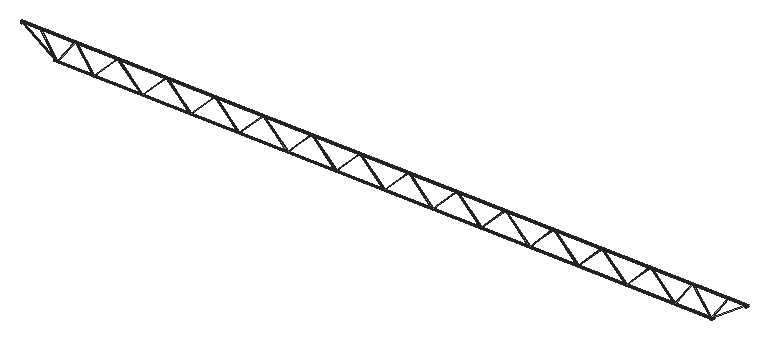
Revit family "M_Caibro de barra de corda paralela série SLH", category Quadro estrutural, Revit 2019
Family settings
  Arredondamento do comprimento do framing estrutural = 1 mm
  Forma do corte = Não definido
  Material para o comportamento do modelo = Aço
  Exportar sempre como geometria = Sim
  Número OmniClass = 23.25.30.21.14.11
  Título OmniClass = Metal Joists
  ID de item do Seek = SLH-Series Parallel Chord Bar Joist-0000-CAN-ENU
  Sempre na vertical = Sim
  Corte com vazios quando carregada = Não
  Representação simbólica = Da família
  Compartilhado = Não
  Exibir o pré-corte da família na vista da planta = Sim
Parameters (values of type "80SLH15")
  Painel variável [instance] = (Length - (Painel final * 2) - ComprimentoMatrizPainelInt) / 2  # 3068 mm
  Material estrutural = none
  Deslocamento inicial [instance] = 0 mm
  Extensão inicial [instance] = 0 mm
  M = 60
  Espessura da teia = 25 mm
  Comprimento do assento = 150 mm
  Profundidade do assento = 125 mm
  LarguraPainelInt [instance] = Linear * 2  # 4064 mm
  NumMatrizPainelInt [instance] = (ComprimentoÁreaPainel / LarguraPainelInt) - 2  # 12
  ComprimentoMatrizPainelInt [instance] = NumMatrizPainelInt * LarguraPainelInt  # 48768 mm
  ComprimentoÁreaPainel [instance] = Length - (Painel final * 2)  # 54904 mm
  Painel final = 1.5 * Linear  # 3048 mm
  Deslocamento final [instance] = 0 mm
  Extensão final [instance] = 0 mm
  Perna da corda = 63.5 mm
  Espessura da corda = 12.5 mm
  Assembly Code = ""
  Length [instance] = 61000 mm
  Linear = 2032 mm
Reference planes
  plane 1 "Centro (Frente/Trás)": y = 0
  plane 2: z = 0
  plane 3 "Centro (Esquerda/Direita)": x = 4.61
  plane 4 "Membro esquerdo": x = -3551.39
  plane 5 "Membro direito": x = 3560.61
  plane 6: y = 76
  plane 7: y = -76
  plane 8: z = 1016
  plane 9: z = -1016
  plane 10 "Esquerda": x = -30495.39
  plane 11 "Símbolo esquerdo de verga": x = -34037.312
  plane 12 "Símbolo direito de verga": x = 34079.663
  plane 13 "Direita": x = 30504.61
  plane 14: z = 891
  plane 15: x = -30345.39
  plane 16: x = -27447.39
  plane 17: x = -27647.39
  plane 18: x = 30354.61
  plane 19: x = 27456.61
  plane 20: y = 12.5
  plane 21: y = -12.5
  plane 22: z = 952.5
  plane 23: z = -952.5
  plane 24: x = 27656.61
  plane 25: x = -28896.39
  plane 26: x = -24379.39
  plane 27: x = 24388.61
  plane 28: x = 28905.61
  plane 29: z = -1009.65
  plane 30: z = 1009.65
  plane 31: x = -30495.39
  plane 32: x = 30504.61
  plane 33: x = -30495.39
  plane 34: x = 30504.61
  plane 35: x = 34079.663
  plane 36 "Direita do símbolo": x = 34079.663
  plane 37 "Esquerda do símbolo": x = -34037.312
  plane 38: x = -34037.312
Forms (mm)
  Extrusion 1, solid, material <- "Material estrutural", detail levels medium+fine
    sketch origin (4.61, 0, 0) x (0, 1, 0) y (0, 0, 1)
      loop
        line (76, 1016) -> (12.5, 1016) -> (12.5, 952.5) -> (25, 952.5) -> (25, 1003.5) -> (76, 1003.5) -> (76, 1016)
      loop
        line (-76, 1016) -> (-76, 1003.5) -> (-25, 1003.5) -> (-25, 952.5) -> (-12.5, 952.5) -> (-12.5, 1016) -> (-76, 1016)
    from -30500 to 30500
  Extrusion 2, solid, material <- "Material estrutural", detail levels medium+fine
    sketch origin (4.61, 0, 0) x (0, 1, 0) y (0, 0, 1)
      loop
        line (12.5, -952.5) -> (12.5, -1016) -> (76, -1016) -> (76, -1003.5) -> (25, -1003.5) -> (25, -952.5) -> (12.5, -952.5)
      loop
        line (-12.5, -952.5) -> (-25, -952.5) -> (-25, -1003.5) -> (-76, -1003.5) -> (-76, -1016) -> (-12.5, -1016) -> (-12.5, -952.5)
    from -27652 to 27652
  Extrusion 3, solid, material <- "Material estrutural", detail levels medium+fine
    sketch origin (4.61, 0, 0) x (0, 1, 0) y (0, 0, 1)
      loop
        line (76, 891) -> (76, 903.5) -> (25, 903.5) -> (25, 952.5) -> (12.5, 952.5) -> (12.5, 891) -> (76, 891)
      loop
        line (-76, 891) -> (-12.5, 891) -> (-12.5, 952.5) -> (-25, 952.5) -> (-25, 903.5) -> (-76, 903.5) -> (-76, 891)
    from 30350 to 30500
  Extrusion 4, solid, material <- "Material estrutural", detail levels medium+fine
    sketch origin (4.61, 0, 0) x (0, 1, 0) y (0, 0, 1)
      loop
        line (-76, 891) -> (-12.5, 891) -> (-12.5, 952.5) -> (-25, 952.5) -> (-25, 903.5) -> (-76, 903.5) -> (-76, 891)
      loop
        line (12.5, 891) -> (76, 891) -> (76, 903.5) -> (25, 903.5) -> (25, 952.5) -> (12.5, 952.5) -> (12.5, 891)
    from -30500 to -30350
  Sweep 5, solid, material <- "Material estrutural", detail levels fine
    path in 3D
      loop
        line (27456.61, 0, -1009.65) -> (30354.61, 0, 952.5)
    profile "Teia-Perfil : Teia-Perfil" origin (28905.61, 0, -28.575) x (-0.56065, 0, 0.828053) y (0, -1, 0)
      loop
        line (-25.4, 18.85) -> (-25.4, 6.15) -> (25.4, 6.15) -> (25.4, 18.85) -> (-25.4, 18.85)
  Sweep 6, solid, material <- "Material estrutural", detail levels fine
    path in 3D
      loop
        line (28902.707, 0, 952.5) -> (27456.61, 0, -1009.65)
    profile "Teia-Perfil : Teia-Perfil" origin (28179.659, 0, -28.575) x (0.804997, 0, -0.593279) y (0, -1, 0)
      loop
        line (-25.4, 6.35) -> (-25.4, -6.35) -> (25.4, -6.35) -> (25.4, 6.35) -> (-25.4, 6.35)
  Sweep 7, solid, material <- "Material estrutural", detail levels fine
    path in 3D
      loop
        line (-30345.39, 0, 952.5) -> (-27447.39, 0, -1009.65)
    profile "Teia-Perfil : Teia-Perfil" origin (-28896.39, 0, -28.575) x (0.56065, 0, 0.828053) y (0, -1, 0)
      loop
        line (-25.4, 6.35) -> (-25.4, -6.35) -> (25.4, -6.35) -> (25.4, 6.35) -> (-25.4, 6.35)
  Sweep 8, solid, material <- "Material estrutural", detail levels fine
    path in 3D
      loop
        line (-27447.39, 0, -1009.65) -> (-28896.39, 0, 952.5)
    profile "Teia-Perfil : Teia-Perfil" origin (-28171.89, 0, -28.575) x (-0.804428, 0, -0.59405) y (0, -1, 0)
      loop
        line (-25.4, 6.35) -> (-25.4, -6.35) -> (25.4, -6.35) -> (25.4, 6.35) -> (-25.4, 6.35)
Lines and regions (mm)
  symbolic lines, style "StructuralFraming", detail levels coarse
    curve 1: line (0, 76, 1016) -> (0, 12.5, 1016)
    curve 2: line (0, -76, -1016) -> (0, -12.5, -1016)
    curve 14: line (0, 12.5, -1016) -> (0, 76, -1016)
    curve 15: line (4.61, 12.5, -1016) -> (4.61, 12.5, -952.5)
    curve 16: line (4.61, -12.5, -1016) -> (4.61, -12.5, -952.5)
    curve 17: line (4.61, -12.5, 1016) -> (4.61, -12.5, 952.5)
    curve 18: line (4.61, 12.5, 1016) -> (4.61, 12.5, 952.5)
    curve 19: line (0, -12.5, 1016) -> (0, -76, 1016)
  symbolic lines, style "StructuralFraming", detail levels coarse+medium
    curve 3: line (0, 0, -1016) -> (0, 0, 1016)
  reference lines
    curve 4: line (-33887.312, 0, -1139.508) -> (-33887.312, 0, 1095.692)
    curve 5: line (-30839.312, 0, -1145.858) -> (-30839.312, 0, 1095.692)
    curve 6: line (33929.663, 0, -1086.588) -> (33929.663, 0, 1097.812)
    curve 7: line (30881.663, 0, -1213.588) -> (30881.663, 0, 1097.812)
  model lines, style "Caibro da teia", detail levels coarse
    curve 8: line (30881.663, 0, -1016) -> (-30839.312, 0, -1016)
    curve 9: line (34079.663, 0, 1016) -> (-34037.312, 0, 1016)
    curve 24: line (-30839.312, 0, -1016) -> (-33887.312, 0, 1016)
    curve 25: line (30881.663, 0, -1016) -> (33929.663, 0, 1016)
  model lines, style "StructuralFraming", detail levels medium
    curve 10: line (-27447.39, 0, -1009.65) -> (-28896.39, 0, 952.5)
    curve 11: line (-30345.39, 0, 952.5) -> (-27447.39, 0, -1009.65)
    curve 12: line (28902.707, 0, 952.5) -> (27456.61, 0, -1009.65)
    curve 13: line (27456.61, 0, -1009.65) -> (30354.61, 0, 952.5)
  sketch lines
    curve 20: line (27456.61, 0, -1009.65) -> (30354.61, 0, 952.5)
    curve 21: line (28902.707, 0, 952.5) -> (27456.61, 0, -1009.65)
    curve 22: line (-30345.39, 0, 952.5) -> (-27447.39, 0, -1009.65)
    curve 23: line (-27447.39, 0, -1009.65) -> (-28896.39, 0, 952.5)
  symbolic lines, detail levels fine
    curve 26: line (4.61, 12.5, -1009.65) -> (4.61, -12.5, -1009.65)
    curve 27: line (4.61, 12.5, -952.5) -> (4.61, 12.5, 952.5)
    curve 28: line (4.61, 12.5, 1009.65) -> (4.61, -12.5, 1009.65)
    curve 29: line (4.61, -12.5, -952.5) -> (4.61, -12.5, 952.5)
Dimensions and locks
  equal spacing: plane 9, plane 2, plane 8
  "Length": plane 10 "Esquerda" to plane 13 "Direita"
  equal spacing: plane 10 "Esquerda", plane 3 "Centro (Esquerda/Direita)", plane 13 "Direita"
  "Painel final": curve 5 to curve 4
  "Painel final": curve 6 to curve 7
  "Linear": plane 9 to plane 8
  "Profundidade do assento": plane 8 to plane 14
  locked: plane 17 to plane 16 at 200
  "Painel final": plane 10 "Esquerda" to plane 16
  "Painel final": plane 13 "Direita" to plane 19
  "Espessura da teia": plane 20 to plane 21
  equal spacing: plane 20, plane 1 "Centro (Frente/Trás)", plane 21
  "Perna da corda": plane 21 to plane 7
  "Perna da corda": plane 6 to plane 20
  "Perna da corda": plane 9 to plane 23
  "Perna da corda": plane 22 to plane 8
  "Espessura da corda": plane 8 to Extrusion 1 sketch curve
  "Espessura da corda": Extrusion 1 sketch curve to plane 8
  "Espessura da corda": plane 21 to Extrusion 1 sketch curve
  "Espessura da corda": Extrusion 1 sketch curve to plane 20
  "Espessura da corda": plane 9 to Extrusion 2 sketch curve  (x2)
  "Espessura da corda": Extrusion 2 sketch curve to plane 20
  "Espessura da corda": plane 21 to Extrusion 2 sketch curve
  locked: plane 19 to plane 24 at 200
  "Espessura da corda": plane 14 to Extrusion 3 sketch curve  (x2)
  "Espessura da corda": plane 21 to Extrusion 3 sketch curve
  "Espessura da corda": Extrusion 3 sketch curve to plane 20
  "Espessura da corda": plane 14 to Extrusion 4 sketch curve  (x2)
  "Espessura da corda": Extrusion 4 sketch curve to plane 20
  "Espessura da corda": plane 21 to Extrusion 4 sketch curve
  locked: plane 29 to plane 9 at 6.35
  locked: plane 8 to plane 30 at 6.35
  equal spacing: plane 16, plane 25, plane 15
  equal spacing: plane 18, plane 28, plane 19
  equal spacing: plane 27, plane 3 "Centro (Esquerda/Direita)", plane 26
  "ComprimentoMatrizPainelInt": plane 27 to plane 26
  equal spacing: group 1, group 3, group 4, group 5, group 6, group 7, group 8, group 9, group 10, group 11, group 12, group 2  (x3)
  "Extensão inicial": plane 31 to plane 33
  "Comprimento do assento": plane 33 to plane 15
  "Deslocamento inicial": plane 10 "Esquerda" to plane 33
  "Deslocamento final": plane 34 to plane 13 "Direita"
  "Comprimento do assento": plane 18 to plane 34
  "Extensão final": plane 32 to plane 34
  "Comprimento do assento": plane 35 to curve 6
  "Extensão inicial": plane 36 "Direita do símbolo" to plane 35
  "Deslocamento inicial": plane 12 "Símbolo direito de verga" to plane 35
  "Comprimento do assento": curve 4 to plane 38
  "Extensão final": plane 38 to plane 37 "Esquerda do símbolo"
  "Deslocamento final": plane 38 to plane 11 "Símbolo esquerdo de verga"
  aligned and locked: curve 8 to plane 9
  aligned and locked: curve 9 to plane 8
  aligned and locked: curve 5 to curve 8
  aligned and locked: curve 7 to curve 8
  aligned and locked: plane 8 to Extrusion 1 sketch curve
  aligned and locked: Extrusion 1 sketch curve to plane 8
  aligned and locked: plane 6 to Extrusion 1 sketch curve
  aligned and locked: plane 7 to Extrusion 1 sketch curve
  aligned and locked: Extrusion 1 sketch curve to plane 22
  aligned and locked: plane 22 to Extrusion 1 sketch curve
  aligned and locked: plane 9 to Extrusion 2 sketch curve
  aligned and locked: Extrusion 2 sketch curve to plane 9
  aligned and locked: Extrusion 2 sketch curve to plane 6
  aligned and locked: Extrusion 2 sketch curve to plane 7
  aligned and locked: plane 20 to Extrusion 2 sketch curve
  aligned and locked: plane 21 to Extrusion 2 sketch curve
  aligned and locked: Extrusion 2 sketch curve to plane 23
  aligned and locked: plane 23 to Extrusion 2 sketch curve
  aligned and locked: Extrusion 2 to plane 24
  aligned and locked: plane 17 to Extrusion 2
  aligned and locked: Extrusion 3 sketch curve to plane 7
  aligned and locked: plane 14 to Extrusion 3 sketch curve
  aligned and locked: Extrusion 3 sketch curve to plane 14
  aligned and locked: Extrusion 3 sketch curve to plane 6
  aligned and locked: plane 21 to Extrusion 3 sketch curve
  aligned and locked: plane 20 to Extrusion 3 sketch curve
  aligned and locked: Extrusion 3 sketch curve to plane 22
  aligned and locked: plane 22 to Extrusion 3 sketch curve
  aligned and locked: Extrusion 3 to plane 18
  aligned and locked: plane 6 to Extrusion 4 sketch curve
  aligned and locked: Extrusion 4 sketch curve to plane 7
  aligned and locked: Extrusion 4 sketch curve to plane 20
  aligned and locked: plane 21 to Extrusion 4 sketch curve
  aligned and locked: plane 22 to Extrusion 4 sketch curve  (x2)
  aligned and locked: Extrusion 4 sketch curve to plane 14  (x2)
  aligned and locked: plane 15 to Extrusion 4
  aligned and locked: Extrusion 2 to curve 15
  aligned and locked: curve 15 to Extrusion 2
  aligned and locked: curve 2 to curve 16
  aligned and locked: curve 16 to Extrusion 2
  aligned and locked: Extrusion 1 to curve 17
  aligned and locked: curve 17 to Extrusion 1
  aligned and locked: curve 18 to Extrusion 1  (x2)
  aligned and locked: curve 1 to Extrusion 1
  aligned and locked: nested 1 to plane 1 "Centro (Frente/Trás)"
  aligned and locked: nested 1 to plane 26
  aligned and locked: nested 2 to plane 27
  aligned and locked: nested 3 to plane 1 "Centro (Frente/Trás)"
  aligned and locked: nested 3 to plane 16
  aligned and locked: nested 4 to plane 19
  aligned and locked: curve 13 to Extrusion 3
  aligned and locked: plane 25 to curve 10
  aligned and locked: curve 4 to curve 24
  aligned and locked: curve 6 to curve 25
  aligned and locked: Extrusion 4 to plane 31
  aligned and locked: Extrusion 1 to plane 31
  aligned and locked: plane 32 to Extrusion 1
  aligned and locked: plane 32 to Extrusion 3
  aligned and locked: plane 36 "Direita do símbolo" to curve 9
  aligned and locked: plane 37 "Esquerda do símbolo" to curve 9
Automatic sketch dimensions
  Extrusion 1 sketch curve to plane 21 = 0 mm
  Extrusion 1 sketch curve to plane 20 = 0 mm
  curve 14 to plane 6 = 0 mm
  curve 1 to plane 6 = 0 mm
  curve 14 to plane 9 = 0 mm
  curve 14 to plane 20 = 0 mm
  curve 1 to plane 20 = 0 mm
  curve 19 to plane 8 = 0 mm
  curve 19 to plane 21 = 0 mm
  curve 19 to plane 7 = 0 mm
  plane 9 to curve 7 = 197.588 mm
  plane 9 to curve 5 = 129.858 mm
  plane 9 to curve 4 = 123.508 mm
  plane 9 to curve 6 = 70.588 mm
  curve 5 to plane 8 = 79.692 mm
  curve 4 to plane 8 = 79.692 mm
  curve 7 to plane 8 = 81.812 mm
  curve 6 to plane 8 = 81.812 mm
  curve 2 to plane 7 = 0 mm
  curve 2 to plane 9 = 0 mm
  curve 2 to plane 21 = 0 mm
  curve 3 to plane 1 "Centro (Frente/Trás)" = 0 mm
  curve 3 to plane 9 = 0 mm
  curve 26 to plane 29 = 0 mm
  curve 29 to plane 23 = 0 mm
  curve 15 to plane 23 = 0 mm
  curve 17 to plane 22 = 0 mm
  curve 27 to plane 22 = 0 mm
  curve 28 to plane 30 = 0 mm
  curve 3 to plane 8 = 0 mm
  curve 11 to plane 15 = 0 mm
  plane 16 to curve 10 = 0 mm
  plane 19 to curve 12 = 0 mm
  curve 12 to plane 22 = 0 mm
  curve 13 to plane 18 = 0 mm
  curve 10 to plane 29 = 0 mm
  curve 13 to plane 29 = 0 mm
  curve 11 to plane 22 = 0 mm
  curve 10 to plane 22 = 0 mm
  plane 28 to curve 12 = 2.903 mm
Nested families
  nested 1: "Teia angular" at (-24379.39, 0, 0), type "Teia angular"
  nested 2: "Teia angular" at (20324.61, 0, 0), type "Teia angular"
  nested 3: "Teia angular-Variável" at (-27447.39, 0, 0), LarguraPainel <- "Painel variável", type "Teia angular-Variável"
    with LarguraPainel 3068 mm
  nested 4: "Teia angular-Variável" at (24388.61, 0, 0), LarguraPainel <- "Painel variável", type "Teia angular-Variável"
    with LarguraPainel 3068 mm
  nested 5: "Teia angular" at (-20315.39, 0, 0), type "Teia angular"
  nested 6: "Teia angular" at (-16251.39, 0, 0), type "Teia angular"
  nested 7: "Teia angular" at (-12187.39, 0, 0), type "Teia angular"
  nested 8: "Teia angular" at (-8123.39, 0, 0), type "Teia angular"
  nested 9: "Teia angular" at (-4059.39, 0, 0), type "Teia angular"
  nested 10: "Teia angular" at (4.61, 0, 0), type "Teia angular"
  nested 11: "Teia angular" at (4068.61, 0, 0), type "Teia angular"
  nested 12: "Teia angular" at (8132.61, 0, 0), type "Teia angular"
  nested 13: "Teia angular" at (12196.61, 0, 0), type "Teia angular"
  nested 14: "Teia angular" at (16260.61, 0, 0), type "Teia angular"
Definition of nested family "Teia angular"
  Parameters
    MaterialTeia = none
    Espessura da teia = Espessura / 2  # 12.5 mm
    Deslocamento da teia = Perna da teia / 2  # 25.4 mm
    Perna da teia = 50.8 mm
    Espessura = 25 mm
    AlturaPainel = 2032 mm
    LarguraPainel = 4064 mm
    Assembly Code = ""
  Reference planes
    plane 1 "Centro (Frente/Trás)": y = 0
    plane 2: z = 0
    plane 3 "Centro (Esquerda/Direita)": x = 0
    plane 4: x = 4064
    plane 5: x = 2032
    plane 6: z = -1016
    plane 7: z = -990.6
    plane 8: z = 991
    plane 9: z = 1016
    plane 10: y = -12.5
    plane 11: y = 12.5
    plane 12: z = 952.5
    plane 13: z = -952.5
  Forms (mm)
    Sweep 1, solid, material <- "MaterialTeia", detail levels fine
      path in 3D
        loop
          line (0, 0, -990.6) -> (25.4, 0, -990.6) -> (2006.6, 0, 991) -> (2057.4, 0, 991)
      profile origin (12.7, 0, -990.6) x (0, 0, 1) y (0, -1, 0)
        loop
          line (25.4, 0) -> (25.4, 12.5) -> (-25.4, 12.5) -> (-25.4, 0) -> (25.4, 0)
    Sweep 2, solid, material <- "MaterialTeia", detail levels fine
      path in 3D
        loop
          line (4064, 0, -990.6) -> (4038.6, 0, -990.6) -> (2057.4, 0, 991) -> (2006.6, 0, 991)
      profile origin (4051.3, 0, -990.6) x (0, 0, -1) y (0, -1, 0)
        loop
          line (-25.4, -12.5) -> (25.4, -12.5) -> (25.4, 0) -> (-25.4, 0) -> (-25.4, -12.5)
    Sweep 3, solid, material <- "MaterialTeia", detail levels fine
      path in 3D
        loop
          line (99.416, -12.5, -952.494) -> (2004.424, -12.5, 952.899)
      profile origin (1051.92, -12.5, 0.203) x (-0.707178, 0, 0.707035) y (0, -1, 0)
        loop
          line (0, 0) -> (12.5, 0) -> (12.5, 38.3) -> (0, 38.3) -> (0, 0)
    Sweep 4, solid, material <- "MaterialTeia", detail levels fine
      path in 3D
        loop
          line (3964.584, 12.5, -952.494) -> (2059.576, 12.5, 952.899)
      profile origin (3012.08, 12.5, 0.203) x (0.707178, 0, 0.707035) y (0, 1, 0)
        loop
          line (0, 0) -> (12.5, 0) -> (12.5, 38.3) -> (0, 38.3) -> (0, 0)
  Cuts and joins
    joined: Sweep 1, Sweep 3
    joined: Sweep 2, Sweep 4
  Lines and regions (mm)
    model lines, detail levels medium+fine
      curve 1: line (0, 0, -1016) -> (0, 0, 1016)
      curve 2: line (0, 0, 1016) -> (4064, 0, 1016)
      curve 3: line (4064, 0, 1016) -> (4064, 0, -1016)
      curve 4: line (4064, 0, -1016) -> (0, 0, -1016)
    model lines, detail levels medium
      curve 5: line (2006.6, 0, 991) -> (2057.4, 0, 991)
      curve 6: line (0, 0, -990.6) -> (25.4, 0, -990.6)
      curve 7: line (4064, 0, -990.6) -> (4038.6, 0, -990.6)
      curve 8: line (25.4, 0, -990.6) -> (2006.6, 0, 991)
      curve 9: line (2057.4, 0, 991) -> (4038.6, 0, -990.6)
    sketch lines
      curve 10: line (0, 0, -990.6) -> (25.4, 0, -990.6)
      curve 11: line (25.4, 0, -990.6) -> (2006.6, 0, 991)
      curve 12: line (2006.6, 0, 991) -> (2057.4, 0, 991)
      curve 13: line (4064, 0, -990.6) -> (4038.6, 0, -990.6)
      curve 14: line (2057.4, 0, 991) -> (4038.6, 0, -990.6)
      curve 15: line (2006.6, 0, 991) -> (2057.4, 0, 991)
      curve 16: line (99.416, -12.5, -952.494) -> (2004.424, -12.5, 952.899)
      curve 17: line (3964.584, 12.5, -952.494) -> (2059.576, 12.5, 952.899)
  Dimensions and locks
    "LarguraPainel": plane 4 to plane 3 "Centro (Esquerda/Direita)"
    equal spacing: plane 4, plane 5, plane 3 "Centro (Esquerda/Direita)"
    plane 7 to plane 6 = 25.4 mm
    "Espessura": plane 9 to plane 8
    "AlturaPainel": plane 9 to plane 6
    equal spacing: plane 9, plane 2, plane 6
    "Espessura": plane 11 to plane 10
    equal spacing: plane 11, plane 1 "Centro (Frente/Trás)", plane 10
    locked: plane 9 to plane 12 at 63.5
    plane 13 to plane 6 = 63.5 mm
    "Deslocamento da teia": plane 7 to plane 6
    "Deslocamento da teia": curve 6 to plane 3 "Centro (Esquerda/Direita)"
    "Deslocamento da teia": curve 7 to plane 4
    "Deslocamento da teia": plane 5 to curve 5
    "Deslocamento da teia": curve 5 to plane 5
    "Perna da teia": Sweep 1 sketch curve to Sweep 1 sketch curve
    equal spacing: Sweep 1 sketch curve, plane 7, Sweep 1 sketch curve
    equal spacing: Sweep 2 sketch curve, profile plane, Sweep 2 sketch curve
    "Perna da teia": Sweep 2 sketch curve to Sweep 2 sketch curve
    "Perna da teia": plane 1 "Centro (Frente/Trás)" to Sweep 3 sketch curve
    "Espessura da teia": Sweep 3 sketch curve to Sweep 3 sketch curve
    "Perna da teia": plane 1 "Centro (Frente/Trás)" to Sweep 4 sketch curve
    "Espessura da teia": Sweep 4 sketch curve to Sweep 4 sketch curve
    aligned and locked: plane 8 to curve 5
    aligned and locked: curve 7 to plane 7
    aligned and locked: plane 7 to curve 6
    aligned and locked: plane 9 to curve 2
    aligned and locked: plane 10 to Sweep 1 sketch curve
    aligned and locked: Sweep 1 sketch curve to plane 1 "Centro (Frente/Trás)"
    aligned and locked: Sweep 2 sketch curve to plane 11
    aligned and locked: profile plane to Sweep 2 sketch curve
    aligned and locked: Sweep 1 to curve 16
    aligned and locked: Sweep 3 sketch curve to profile plane
    aligned and locked: plane 10 to Sweep 3 sketch curve
    aligned and locked: plane 11 to Sweep 4 sketch curve
    aligned and locked: profile plane to Sweep 4 sketch curve
  Automatic sketch dimensions
    curve 1 to plane 3 "Centro (Esquerda/Direita)" = 0 mm
    curve 3 to plane 4 = 0 mm
    curve 4 to plane 6 = 0 mm
Definition of nested family "Teia angular-Variável"
  Parameters
    MaterialTeia = none
    Espessura da teia = Espessura / 2  # 12.5 mm
    Deslocamento da teia = Perna da teia / 2  # 25.4 mm
    Perna da teia = 50.8 mm
    Espessura = 25 mm
    AlturaPainel = 2032 mm
    LarguraPainel [instance] = 1524 mm
    Assembly Code = ""
  Reference planes
    plane 1 "Centro (Frente/Trás)": y = 0
    plane 2: z = 0
    plane 3 "Centro (Esquerda/Direita)": x = 0
    plane 4: x = 1524
    plane 5: x = 762
    plane 6: z = -1016
    plane 7: z = -990.6
    plane 8: z = 991
    plane 9: z = 1016
    plane 10: y = -12.5
    plane 11: y = 12.5
    plane 12: z = 952.5
    plane 13: z = -952.5
  Forms (mm)
    Sweep 1, solid, material <- "MaterialTeia", detail levels fine
      path in 3D
        loop
          line (0, 0, -990.6) -> (25.4, 0, -990.6) -> (736.6, 0, 991) -> (787.4, 0, 991)
      profile origin (12.7, 0, -990.6) x (0, 0, 1) y (0, -1, 0)
        loop
          line (25.4, 0) -> (25.4, 12.5) -> (-25.4, 12.5) -> (-25.4, 0) -> (25.4, 0)
    Sweep 2, solid, material <- "MaterialTeia", detail levels fine
      path in 3D
        loop
          line (1524, 0, -990.6) -> (1498.6, 0, -990.6) -> (787.4, 0, 991) -> (736.6, 0, 991)
      profile origin (1511.3, 0, -990.6) x (0, 0, -1) y (0, -1, 0)
        loop
          line (-25.4, -12.5) -> (25.4, -12.5) -> (25.4, 0) -> (-25.4, 0) -> (-25.4, -12.5)
    Sweep 3, solid, material <- "MaterialTeia", detail levels fine
      path in 3D
        loop
          line (73.606, -12.5, -931.476) -> (748.403, -12.5, 948.695)
      profile origin (411.005, -12.5, 8.609) x (-0.941216, 0, 0.337804) y (0, -1, 0)
        loop
          line (0, 0) -> (12.5, 0) -> (12.5, 38.3) -> (0, 38.3) -> (0, 0)
    Sweep 4, solid, material <- "MaterialTeia", detail levels fine
      path in 3D
        loop
          line (1450.394, 12.5, -931.476) -> (775.597, 12.5, 948.695)
      profile origin (1112.995, 12.5, 8.609) x (0.941216, 0, 0.337804) y (0, 1, 0)
        loop
          line (0, 0) -> (12.5, 0) -> (12.5, 38.3) -> (0, 38.3) -> (0, 0)
  Cuts and joins
    joined: Sweep 1, Sweep 3
    joined: Sweep 2, Sweep 4
  Lines and regions (mm)
    model lines, detail levels medium+fine
      curve 1: line (0, 0, -1016) -> (0, 0, 1016)
      curve 2: line (0, 0, 1016) -> (1524, 0, 1016)
      curve 3: line (1524, 0, 1016) -> (1524, 0, -1016)
      curve 4: line (1524, 0, -1016) -> (0, 0, -1016)
    model lines, detail levels medium
      curve 5: line (736.6, 0, 991) -> (787.4, 0, 991)
      curve 6: line (0, 0, -990.6) -> (25.4, 0, -990.6)
      curve 7: line (1524, 0, -990.6) -> (1498.6, 0, -990.6)
      curve 8: line (25.4, 0, -990.6) -> (736.6, 0, 991)
      curve 9: line (787.4, 0, 991) -> (1498.6, 0, -990.6)
    sketch lines
      curve 10: line (0, 0, -990.6) -> (25.4, 0, -990.6)
      curve 11: line (25.4, 0, -990.6) -> (736.6, 0, 991)
      curve 12: line (736.6, 0, 991) -> (787.4, 0, 991)
      curve 13: line (1524, 0, -990.6) -> (1498.6, 0, -990.6)
      curve 14: line (787.4, 0, 991) -> (1498.6, 0, -990.6)
      curve 15: line (736.6, 0, 991) -> (787.4, 0, 991)
      curve 16: line (73.606, -12.5, -931.476) -> (748.403, -12.5, 948.695)
      curve 17: line (1450.394, 12.5, -931.476) -> (775.597, 12.5, 948.695)
  Dimensions and locks
    "LarguraPainel": plane 4 to plane 3 "Centro (Esquerda/Direita)"
    equal spacing: plane 4, plane 5, plane 3 "Centro (Esquerda/Direita)"
    plane 7 to plane 6 = 25.4 mm
    "Espessura": plane 9 to plane 8
    "AlturaPainel": plane 9 to plane 6
    equal spacing: plane 9, plane 2, plane 6
    "Espessura": plane 11 to plane 10
    equal spacing: plane 11, plane 1 "Centro (Frente/Trás)", plane 10
    locked: plane 9 to plane 12 at 63.5
    plane 13 to plane 6 = 63.5 mm
    "Deslocamento da teia": plane 7 to plane 6
    "Deslocamento da teia": curve 6 to plane 3 "Centro (Esquerda/Direita)"
    "Deslocamento da teia": curve 7 to plane 4
    "Deslocamento da teia": plane 5 to curve 5
    "Deslocamento da teia": curve 5 to plane 5
    "Perna da teia": Sweep 1 sketch curve to Sweep 1 sketch curve
    equal spacing: Sweep 1 sketch curve, plane 7, Sweep 1 sketch curve
    equal spacing: Sweep 2 sketch curve, profile plane, Sweep 2 sketch curve
    "Perna da teia": Sweep 2 sketch curve to Sweep 2 sketch curve
    "Perna da teia": plane 1 "Centro (Frente/Trás)" to Sweep 3 sketch curve
    "Espessura da teia": Sweep 3 sketch curve to Sweep 3 sketch curve
    "Perna da teia": plane 1 "Centro (Frente/Trás)" to Sweep 4 sketch curve
    "Espessura da teia": Sweep 4 sketch curve to Sweep 4 sketch curve
    aligned and locked: plane 8 to curve 5
    aligned and locked: curve 7 to plane 7
    aligned and locked: plane 7 to curve 6
    aligned and locked: plane 9 to curve 2
    aligned and locked: plane 10 to Sweep 1 sketch curve
    aligned and locked: Sweep 1 sketch curve to plane 1 "Centro (Frente/Trás)"
    aligned and locked: Sweep 2 sketch curve to plane 11
    aligned and locked: profile plane to Sweep 2 sketch curve
    aligned and locked: Sweep 1 to curve 16
    aligned and locked: Sweep 3 sketch curve to profile plane
    aligned and locked: plane 10 to Sweep 3 sketch curve
    aligned and locked: Sweep 4 sketch curve to plane 11
    aligned and locked: profile plane to Sweep 4 sketch curve
  Automatic sketch dimensions
    curve 1 to plane 3 "Centro (Esquerda/Direita)" = 0 mm
    curve 3 to plane 4 = 0 mm
    curve 4 to plane 6 = 0 mm
Types in the file's own list only (35): name | M | Painel final | Perna da corda | Espessura da corda | Linear
  80SLH16 | 69 | 3048 mm | 64 mm | 13 mm | 2032 mm
  80SLH17 | 79 | 3048 mm | 64 mm | 13 mm | 2032 mm
  80SLH18 | 89 | 3048 mm | 64 mm | 13 mm | 2032 mm
  80SLH19 | 100 | 3048 mm | 64 mm | 13 mm | 2032 mm
  80SLH20 | 112 | 3048 mm | 64 mm | 13 mm | 2032 mm
  88SLH16 | 69 | 3353 mm | 64 mm | 13 mm | 2235 mm
  88SLH17 | 76 | 3353 mm | 64 mm | 13 mm | 2235 mm
  88SLH18 | 86 | 3353 mm | 64 mm | 13 mm | 2235 mm
  88SLH19 | 97 | 3353 mm | 64 mm | 13 mm | 2235 mm
  88SLH20 | 113 | 3353 mm | 64 mm | 13 mm | 2235 mm
  88SLH21 | 133 | 3353 mm | 64 mm | 13 mm | 2235 mm
  96SLH17 | 77 | 3657 mm | 64 mm | 13 mm | 2438 mm
  96SLH18 | 86 | 3657 mm | 64 mm | 13 mm | 2438 mm
  96SLH19 | 98 | 3657 mm | 64 mm | 13 mm | 2438 mm
  96SLH20 | 110 | 3657 mm | 64 mm | 13 mm | 2438 mm
  96SLH21 | 134 | 3657 mm | 64 mm | 13 mm | 2438 mm
  96SLH22 | 152 | 3657 mm | 64 mm | 13 mm | 2438 mm
  104SLH18 | 88 | 3963 mm | 64 mm | 13 mm | 2642 mm
  104SLH19 | 100 | 3963 mm | 64 mm | 13 mm | 2642 mm
  104SLH20 | 112 | 3963 mm | 64 mm | 13 mm | 2642 mm
  104SLH21 | 134 | 3963 mm | 64 mm | 13 mm | 2642 mm
  104SLH22 | 155 | 3963 mm | 64 mm | 13 mm | 2642 mm
  104SLH23 | 162 | 3963 mm | 64 mm | 13 mm | 2642 mm
  112LSH19 | 100 | 4268 mm | 64 mm | 13 mm | 2845 mm
  112SLH20 | 113 | 4268 mm | 64 mm | 13 mm | 2845 mm
  112SLH21 | 136 | 4268 mm | 64 mm | 13 mm | 2845 mm
  112SLH22 | 155 | 4268 mm | 64 mm | 13 mm | 2845 mm
  112SLH23 | 164 | 4268 mm | 64 mm | 13 mm | 2845 mm
  112SLH24 | 195 | 4268 mm | 64 mm | 13 mm | 2845 mm
  120SLH20 | 115 | 4572 mm | 64 mm | 13 mm | 3048 mm
  120SLH21 | 137 | 4572 mm | 64 mm | 13 mm | 3048 mm
  120SLH22 | 155 | 4572 mm | 64 mm | 13 mm | 3048 mm
  120SLH23 | 165 | 4572 mm | 64 mm | 13 mm | 3048 mm
  120SLH24 | 197 | 4572 mm | 64 mm | 13 mm | 3048 mm
  120SLH25 | 226 | 4572 mm | 64 mm | 13 mm | 3048 mm
